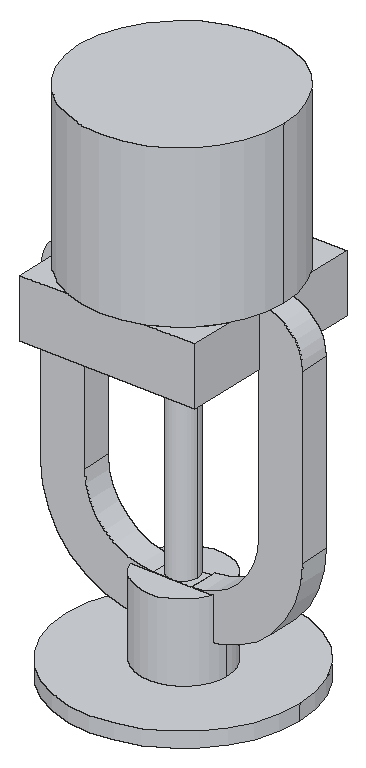
Revit family
Parameters (values of type "RASCO F156-300 PENDENT")
  Temperature Rating = 200 °F
  Response = (empty or 0)
  RASCO SIN # = "RA2514"
  RASCO Part # = "F56P2C3"
  Pressure Rating = "300 PSI"
  Pressure Class = 1
  Orifice Size = 1/2"
  Orifice = (empty or 0)
  Model = "F156-300"
  Manufacturer = "RASCO"
  K-Factor = 5.6
  Description = "Chrome Finish"
  Coverage = (empty or 0)
Reference planes (in)
  plane 1 "Center (Front/Back)": y = 0
  plane 2: z = 0
  plane 3 "Center (Left/Right)": x = 0
Dimensions and locks (in)
  aligned and locked: plane 2 to level
Nested families (in)
  nested 1: "F56P2C3" at (-0.0113, 0, 2.4375) x (-1, 0, 0) z (0, 0, -1), type "RASCO F156-300 PENDENT"
Connectors (in)
  piping at (-0.0113, 0, 2.4375)
    settings: on nested 1, index 1, connector radius 55/128", flow factor 0, pipe flow 0 GPM, pressure drop 0.00 psi, fitting loss kfactor 0, connector angle 0.00°, fixture units 0, flow configuration 0, flow direction 0, fitting loss method 0, system type 7, connector reference index -1, connector utility 0, adjustable connector no, is connector primary yes, fitting loss table "", connector description ""
Definition of nested family "F56P2C3"
  Parameters (values of type "RASCO F156-300 PENDENT")
    Type Comments = ""
    Temperature Rating = 0 °F
    Response = (empty or 0)
    Pressure Rating = "0"
    Pressure Class = (empty or 0)
    Orifice Size = 0"
    Orifice = (empty or 0)
    Model = ""
    Manufacturer = ""
    K-Factor = 0
    Description = ""
    Coverage = (empty or 0)
    Assembly Code = ""
  Reference planes (in)
    plane 1 "Center (Front/Back)": y = 0
    plane 2: z = 0
    plane 3 "ref.2": z = 0.6875
    plane 4 "ref.3": z = 0.9375
    plane 5: x = -0.38065
    plane 6: x = 0.36935
    plane 7 "ref. side 1": y = 0.06402
    plane 8 "ref. side 2": y = -0.06098
    plane 9 "ref.4": z = 1.875
    plane 10 "ref.5": z = 2.3125
    plane 11 "ref.6": z = 2.4375
  Forms (in)
    Extrusion 1, solid
      sketch origin (0, 0, 0) x (1, 0, 0) y (0, 1, 0)
        loop
          circle (0, 0) r 0.4379
      from 0 to 0.6875
    Extrusion 2, solid
      sketch origin (-0.12185, 0.05177, 0.6875) x (1, 0, 0) y (0, 1, 0)
        loop
          line (-0.2588, 0.356) -> (-0.2588, -0.4565) -> (0.4912, -0.4565) -> (0.4912, 0.356) -> (-0.2588, 0.356)
      from 0 to 0.25
    Extrusion 3, solid
      sketch origin (0, 0, 0) x (1, 0, 0) y (0, 0, 1)
        loop
          line (-0.38065, 0.68754) -> (-0.38065, 1.58397)
          arc (-0.38065, 1.58397) -> (-0.29541, 1.78976) -> (-0.08962, 1.875) r 0.29103
          line (-0.08962, 1.875) -> (0.07524, 1.875)
          arc (0.07524, 1.875) -> (0.28321, 1.78886) -> (0.36935, 1.58089) r 0.29411
          line (0.36935, 1.58089) -> (0.36935, 0.68751)
          arc (0.36935, 0.68751) -> (0.50207, 0.74393) -> (0.55685, 0.87734) r 0.18984
          line (0.55685, 0.87734) -> (0.55685, 1.61676)
          arc (0.55685, 1.61676) -> (0.42629, 1.93194) -> (0.11111, 2.0625) r 0.44574
          line (0.11111, 2.0625) -> (-0.12259, 2.0625)
          arc (-0.12259, 2.0625) -> (-0.43765, 1.932) -> (-0.56815, 1.61694) r 0.44556
          line (-0.56815, 1.61694) -> (-0.56815, 0.87876)
          arc (-0.56815, 0.87876) -> (-0.51345, 0.74486) -> (-0.38065, 0.68754) r 0.19126
      from -0.06402 to 0.06098
    Extrusion 4, solid
      sketch origin (0, 0, 0.9375) x (-1, 0, 0) y (0, -1, 0)
        loop
          circle (0.00574, -0.00152) r 0.0625
      from 0 to 0.9375
    Extrusion 5, solid
      sketch origin (0, 0, 1.875) x (-1, 0, 0) y (0, -1, 0)
        loop
          circle (0.00574, -0.00152) r 0.1875
      from 0 to 0.4375
    Extrusion 6, solid
      sketch origin (0, 0, 2.3125) x (0, -1, 0) y (1, 0, 0)
        loop
          circle (-0.00152, -0.00574) r 0.5
      from -0.10531 to -0.03987
  Cuts and joins
    joined: Extrusion 1, Extrusion 2, Extrusion 4
  Lines and regions (in)
    model lines
      curve 1: line (-0.00574, 0.06402, 1.875) -> (-0.00574, -0.06098, 1.875)
